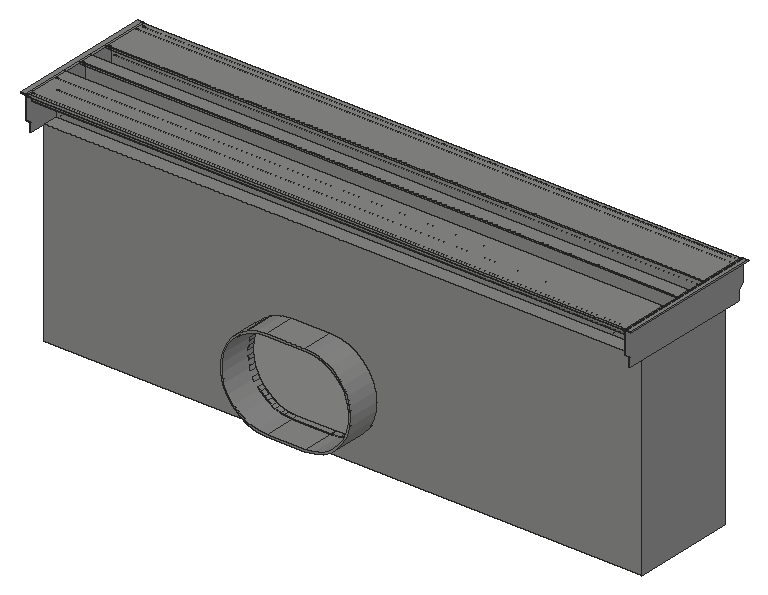
Revit family "Diffuser-Carnes-T_Bar_Mount-2-Slot-DTBB", category Duct Accessories, host Face, Revit 2014
Parameters (values of type "See Type Catalog")
  Supply Connector = yes
  Supply Connection = "Diffuser Supply Connector"  # constant formula
  Subcatagory = "Air Distribution"  # constant formula
  Specification Sheet = "http://www.carnes.com/AirDistribution/pdf/13100.pdf"
  Revit Object Download Link = "http://library.smartbim.com/download/Diffuser-Carnes-T_Bar_Mount-2-Slot-DTBB"
  Product Page URL = "http://www.carnes.com/AirDistribution/dtba.phtml"
  Length = 24"
  Inlet Nominal Size Width = 5"
  Inlet Nominal Size Height D = if(Inlet Nominal Size Width > 6", 5 1/4", 3 1/2")  # 3 1/2"
  Height = 9 1/16"  # constant formula
  Flow = 0 CFM
  Description = "Extruded Aluminum 2 Slot Diffuser T-Bar Mount"  # constant formula
  Profile Depth = 5.75918"
  URL = "http://www.carnes.com/"
  Model = "DTBB"  # constant formula
  Unit = Metal - Carnes - Steel Galvanized
  Manufacturer = "CARNES COMPANY"  # constant formula
  Depth = 2 3/4"
  Default Elevation = 0"
  D Depth = 4 1/16"
  Catalog = "http://www.carnes.com/AirDistribution/pdf/a462-465.pdf"
  Box Length = Length - 1/2"  # 23 1/2"
  B Radius = Inlet Width + 3"  # 9 1/2"
  Inlet Width = 6 1/2"
  Assembly Code = ""
  Inlet Offset = 10 1/2"
  95 CSI = ""
  04 CSI = ""
Reference planes (in)
  plane 1 "Center (Front/Back)": y = 0
  plane 2: z = 0
  plane 3 "Center (Left/Right)": x = 0.94
  plane 4: z = -1.25
  plane 5: y = 2.87959
  plane 6: y = -2.87959
  plane 7: z = 1.44451
  plane 8: x = -11.06
  plane 9: x = 12.94
  plane 10: z = -8.05549
  plane 11: z = -9.0625
Forms (in)
  Extrusion 1, void
    sketch origin (0.94, 0, 0) x (0, 1, 0) y (0, 0, 1)
      loop
        line (-2.87959, 1.44451) -> (-2.87959, -8.05549) -> (1.18291, -8.05549) -> (1.18291, 1.44451) -> (-2.87959, 1.44451)
    from -12 to 12
Dimensions and locks (in)
  locked: plane 2 to plane 4 at 1.25
  equal spacing: plane 6, plane 1 "Center (Front/Back)", plane 5
  "Profile Depth": plane 6 to plane 5
  locked: plane 7 to host face at 1.44451
  equal spacing: plane 8, plane 3 "Center (Left/Right)", plane 9
  "Length": plane 8 to plane 9
  "D Depth": Extrusion 1 sketch curve to Extrusion 1 sketch curve
  plane 2 to plane 10 = 8.05549"
  "Height": plane 2 to plane 11
  aligned and locked: plane 2 to host face
  aligned and locked: level to host face
  aligned and locked: Extrusion 1 to plane 7
  aligned and locked: Extrusion 1 to plane 10
  aligned and locked: plane 9 to Extrusion 1
  aligned and locked: plane 8 to Extrusion 1
  aligned and locked: plane 6 to Extrusion 1
  aligned and locked: nested 1 to plane 3 "Center (Left/Right)"
  aligned and locked: plane 1 "Center (Front/Back)" to nested 1
Automatic sketch dimensions
  host sketch curve to host sketch curve = 32"
  host sketch curve to host sketch curve = 12"
  Extrusion 1 sketch curve to plane 6 = 0"
  Extrusion 1 sketch curve to plane 10 = 0"
  plane 7 to Extrusion 1 sketch curve = 0"
Nested families (in)
  nested 1: "602-1011" at (1.84432, 0, 0.04219) x (-1, 0, 0) z (0, 0, -1), type "Slot 2"
  nested 2: "CXPC" at (1.88, 0.00043, 0.05188) x (-1, 0, 0) z (0, 0, -1), type "Parametric"
Connectors (in)
  hvac at (-0.31, -3.28082, -6.58911), driven by "Inlet Nominal Size Height D", driven by "Inlet Nominal Size Width", driven by "Supply Connector", driven by "Supply Connection"
    settings: on nested 2, index 1, duct flow 0 CFM, flow factor 0, pres drop 0.00 in-wg, loss coef 0, conn angle 0.00°, conn width 5", conn height 3 1/2", conn diameter 24", duct sys type 1, conn prof type 2, flow config 1, flow direction 1, loss method 0, conn ref index -1, conn util yes, is conn primary yes, conn desc "Diffuser Supply Connector"
Definition of nested family "602-1011"
  Parameters (values of type "Slot 2")
    Supply Connector = yes
    Supply Connection = ""
    Subcatagory = ""
    Specification Sheet = ""
    Product Page URL = ""
    Length = 24"
    URL = ""
    Model = "602-1091"  # constant formula
    Unit = Metal - Carnes - Steel Galvanized
    Manufacturer = ""
    Height = 1.44451"
    Flow = 0 CFM
    Description = ""
    Depth = 5.75918"
    Default Elevation = 0"
    Catalog = ""
    Assembly Code = ""
    95 CSI = ""
    04 CSI = ""
  Reference planes (in)
    plane 1 "Center (Front/Back)": y = 0
    plane 2: z = 0
    plane 3 "Center (Left/Right)": x = 0.90432
    plane 4: y = 2.87959
    plane 5: y = -2.87959
    plane 6: x = 12.90432
    plane 7: x = -11.09568
    plane 8: z = 1.44451
  Forms (in)
    Extrusion 1, solid
      sketch origin (0, 0, 0) x (1, 0, 0) y (0, 1, 0)
        loop
          line (-11.09568, 2.87959) -> (-11.09568, -2.87959) -> (12.90432, -2.87959) -> (12.90432, 2.87959) -> (-11.09568, 2.87959)
      from 0 to -1
  Dimensions and locks (in)
    equal spacing: plane 5, plane 1 "Center (Front/Back)", plane 4
    "Depth": plane 5 to plane 4
    equal spacing: plane 6, plane 3 "Center (Left/Right)", plane 7
    "Length": plane 6 to plane 7
    "Height": plane 8 to Extrusion 1
    aligned and locked: plane 2 to Extrusion 1
    aligned and locked: level to Extrusion 1
    aligned and locked: Extrusion 1 sketch curve to plane 5
  Automatic sketch dimensions
    Extrusion 1 sketch curve to Extrusion 1 sketch curve = 24"
    Extrusion 1 sketch curve to Extrusion 1 sketch curve = 5.75918"
  Nested families (in)
    nested 1: "602-10111" at (-0.03568, 0, -0.00488), type "Slot 1"
  Definition of nested family "602-10111"
    Parameters (values of type "Slot 1")
      Length = 24"
      URL = ""
      Model = "DARD"  # constant formula
      Unit = Metal - Carnes - Steel Galvanized
      Manufacturer = ""
      Height = 1.44451"
      Depth = 5.75918"
      Default Elevation = 0"
      Assembly Code = ""
      95 CSI = ""
      04 CSI = ""
    Reference planes (in)
      plane 1 "Center (Front/Back)": y = 0
      plane 2: z = 0
      plane 3 "Center (Left/Right)": x = 0.94
      plane 4: z = -18
      plane 5: z = 1.44451
      plane 6: x = -11.06
      plane 7: x = 12.94
      plane 8: y = 0
      plane 9: y = -2.87959
      plane 10: y = 2.87959
      plane 11: x = -10.81
      plane 12: x = 12.69
    Forms (in)
      Extrusion 1, solid
        sketch origin (0, -5, 0) x (1, 0, 0) y (0, 1, 0)
          loop
            line (-11.06, 7.87959) -> (-11.06, 2.12041) -> (12.94, 2.12041) -> (12.94, 7.87959) -> (-11.06, 7.87959)
        from 0 to -1
      Sweep 2, solid, material "Metal - Carnes - Steel Galvanized" <- "Unit"
        path origin (0, 0, 0) x (1, 0, 0) y (0, 0, -1)
          loop
            line (-10.81, -1.44451) -> (12.69, -1.44451)
        profile origin (0.94, 0, 1.44451) x (0, 0, -1) y (0, 1, 0)
          loop
            arc (1.35514, 2.84375) -> (1.33016, 2.81877) -> (1.35514, 2.79379) r 0.02498
            arc (1.35514, 2.79379) -> (1.37442, 2.78757) -> (1.38272, 2.76909) r 0.02492
            line (1.38272, 2.76909) -> (1.38308, 2.6587)
            arc (1.38308, 2.6587) -> (1.34926, 2.61295) -> (1.29572, 2.63221) r 0.04765
            arc (1.29572, 2.63221) -> (1.20991, 2.68522) -> (1.11386, 2.65444) r 0.12052
            arc (1.11386, 2.65444) -> (1.11176, 2.61347) -> (1.15269, 2.61071) r 0.02924
            arc (1.15269, 2.61071) -> (1.25478, 2.56432) -> (1.15338, 2.51642) r 0.0618
            arc (1.15338, 2.51642) -> (1.1144, 2.5135) -> (1.11617, 2.47444) r 0.02806
            arc (1.11617, 2.47444) -> (1.21184, 2.44322) -> (1.29693, 2.49697) r 0.11828
            arc (1.29693, 2.49697) -> (1.34972, 2.51686) -> (1.38368, 2.47181) r 0.04707
            line (1.38368, 2.47181) -> (1.38698, 1.4467)
            arc (1.38698, 1.4467) -> (1.38108, 1.43236) -> (1.36676, 1.42642) r 0.02022
            line (1.36676, 1.42642) -> (1.32521, 1.42642) -> (1.32521, 1.37588) -> (1.38743, 1.37588) -> (1.38743, 1.30748) -> (0.84122, 1.30748) -> (0.84122, 1.37297) -> (0.90321, 1.37297) -> (0.90321, 1.4045)
            arc (0.90321, 1.4045) -> (0.89724, 1.41889) -> (0.88285, 1.42486) r 0.02036
            line (0.88285, 1.42486) -> (0.81156, 1.42486)
            arc (0.81156, 1.42486) -> (0.79727, 1.41894) -> (0.79135, 1.40465) r 0.02021
            line (0.79135, 1.40465) -> (0.79135, 1.32589)
            arc (0.79135, 1.32589) -> (0.7854, 1.31149) -> (0.77102, 1.3055) r 0.02039
            line (0.77102, 1.3055) -> (0.02318, 1.3055)
            arc (0.02318, 1.3055) -> (0.00679, 1.29871) -> (0, 1.28232) r 0.02318
            line (0, 1.28232) -> (0, 1.14885)
            arc (0, 1.14885) -> (0.00581, 1.13484) -> (0.01984, 1.12908) r 0.01977
            line (0.01984, 1.12908) -> (0.11876, 1.12939)
            arc (0.11876, 1.12939) -> (0.13517, 1.13625) -> (0.14192, 1.15271) r 0.02324
            line (0.14192, 1.15271) -> (0.14175, 1.20547) -> (0.07975, 1.20547) -> (0.07958, 1.25739) -> (1.35759, 1.25739) -> (1.35774, 1.20939) -> (1.29574, 1.20919) -> (1.29592, 1.15437)
            arc (1.29592, 1.15437) -> (1.30215, 1.13943) -> (1.3171, 1.13325) r 0.02118
            line (1.3171, 1.13325) -> (1.36805, 1.13325)
            arc (1.36805, 1.13325) -> (1.38219, 1.12739) -> (1.38805, 1.11324) r 0.02001
            line (1.38805, 1.11324) -> (1.38805, 1.00164) -> (1.4375, 1.00164) -> (1.4375, 2.84383) -> (1.35514, 2.84375)
          loop
            line (1.35514, -2.84375) -> (1.4375, -2.84383) -> (1.4375, -1.00164) -> (1.38805, -1.00164) -> (1.38805, -1.11324)
            arc (1.38805, -1.11324) -> (1.38219, -1.12739) -> (1.36805, -1.13325) r 0.02001
            line (1.36805, -1.13325) -> (1.3171, -1.13325)
            arc (1.3171, -1.13325) -> (1.30215, -1.13943) -> (1.29592, -1.15437) r 0.02118
            line (1.29592, -1.15437) -> (1.29574, -1.20919) -> (1.35774, -1.20939) -> (1.35759, -1.25739) -> (0.07958, -1.25739) -> (0.07975, -1.20547) -> (0.14175, -1.20547) -> (0.14192, -1.15271)
            arc (0.14192, -1.15271) -> (0.13517, -1.13625) -> (0.11876, -1.12939) r 0.02324
            line (0.11876, -1.12939) -> (0.01984, -1.12908)
            arc (0.01984, -1.12908) -> (0.00581, -1.13484) -> (0, -1.14885) r 0.01977
            line (0, -1.14885) -> (0, -1.28232)
            arc (0, -1.28232) -> (0.00679, -1.29871) -> (0.02318, -1.3055) r 0.02318
            line (0.02318, -1.3055) -> (0.77102, -1.3055)
            arc (0.77102, -1.3055) -> (0.7854, -1.31149) -> (0.79135, -1.32589) r 0.02039
            line (0.79135, -1.32589) -> (0.79135, -1.40465)
            arc (0.79135, -1.40465) -> (0.79727, -1.41894) -> (0.81156, -1.42486) r 0.02021
            line (0.81156, -1.42486) -> (0.88285, -1.42486)
            arc (0.88285, -1.42486) -> (0.89724, -1.41889) -> (0.90321, -1.4045) r 0.02036
            line (0.90321, -1.4045) -> (0.90321, -1.37297) -> (0.84122, -1.37297) -> (0.84122, -1.30748) -> (1.38743, -1.30748) -> (1.38743, -1.37588) -> (1.32521, -1.37588) -> (1.32521, -1.42642) -> (1.36676, -1.42642)
            arc (1.36676, -1.42642) -> (1.38108, -1.43236) -> (1.38698, -1.4467) r 0.02022
            line (1.38698, -1.4467) -> (1.38368, -2.47181)
            arc (1.38368, -2.47181) -> (1.34972, -2.51686) -> (1.29693, -2.49697) r 0.04707
            arc (1.29693, -2.49697) -> (1.21184, -2.44322) -> (1.11617, -2.47444) r 0.11828
            arc (1.11617, -2.47444) -> (1.1144, -2.5135) -> (1.15338, -2.51642) r 0.02806
            arc (1.15338, -2.51642) -> (1.25478, -2.56432) -> (1.15269, -2.61071) r 0.0618
            arc (1.15269, -2.61071) -> (1.11176, -2.61347) -> (1.11386, -2.65444) r 0.02924
            arc (1.11386, -2.65444) -> (1.20991, -2.68522) -> (1.29572, -2.63221) r 0.12052
            arc (1.29572, -2.63221) -> (1.34926, -2.61295) -> (1.38308, -2.6587) r 0.04765
            line (1.38308, -2.6587) -> (1.38272, -2.76909)
            arc (1.38272, -2.76909) -> (1.37442, -2.78757) -> (1.35514, -2.79379) r 0.02492
            arc (1.35514, -2.79379) -> (1.33016, -2.81877) -> (1.35514, -2.84375) r 0.02498
          loop
            line (1.29574, 0.06109) -> (1.35774, 0.06089) -> (1.35759, 0.01289) -> (0.07958, 0.01289) -> (0.07975, 0.0648) -> (0.14175, 0.0648) -> (0.14192, 0.11757)
            arc (0.14192, 0.11757) -> (0.13517, 0.13402) -> (0.11876, 0.14088) r 0.02324
            line (0.11876, 0.14088) -> (0.01984, 0.1412)
            arc (0.01984, 0.1412) -> (0.00581, 0.13543) -> (0, 0.12142) r 0.01977
            line (0, 0.12142) -> (0, -0.13705)
            arc (0, -0.13705) -> (0.00581, -0.15105) -> (0.01984, -0.15682) r 0.01977
            line (0.01984, -0.15682) -> (0.11876, -0.1565)
            arc (0.11876, -0.1565) -> (0.13517, -0.14964) -> (0.14192, -0.13319) r 0.02324
            line (0.14192, -0.13319) -> (0.14175, -0.08043) -> (0.07975, -0.08043) -> (0.07958, -0.02851) -> (1.35759, -0.02851) -> (1.35774, -0.07651) -> (1.29574, -0.07671) -> (1.29592, -0.13153)
            arc (1.29592, -0.13153) -> (1.30215, -0.14647) -> (1.3171, -0.15265) r 0.02118
            line (1.3171, -0.15265) -> (1.36805, -0.15265)
            arc (1.36805, -0.15265) -> (1.38219, -0.15851) -> (1.38805, -0.17265) r 0.02001
            line (1.38805, -0.17265) -> (1.38805, -0.28426) -> (1.4375, -0.28426) -> (1.4375, 0.26863) -> (1.38805, 0.26863) -> (1.38805, 0.15703)
            arc (1.38805, 0.15703) -> (1.38219, 0.14288) -> (1.36805, 0.13702) r 0.02001
            line (1.36805, 0.13702) -> (1.3171, 0.13702)
            arc (1.3171, 0.13702) -> (1.30215, 0.13084) -> (1.29592, 0.11591) r 0.02118
            line (1.29592, 0.11591) -> (1.29574, 0.06109)
      Sweep 3, solid, material "Metal - Carnes - Steel Galvanized" <- "Unit"
        path origin (0.94, 0, 0) x (0, 1, 0) y (0, 0, 1)
          loop
            line (2.87959, 1.44451) -> (-2.87959, 1.44451)
        profile origin (0.94, 0, 1.44451) x (0, 0, -1) y (1, 0, 0)
          loop
            line (1.39281, -11.75) -> (0, -11.75) -> (0, -11.7859) -> (1.36636, -11.7859)
            arc (1.36636, -11.7859) -> (1.38834, -11.79501) -> (1.39745, -11.81699) r 0.03109
            line (1.39745, -11.81699) -> (1.39745, -12) -> (1.4375, -12) -> (1.4375, -11.79469)
            arc (1.4375, -11.79469) -> (1.42441, -11.76309) -> (1.39281, -11.75) r 0.04469
          loop
            arc (1.39281, 11.75) -> (1.42441, 11.76309) -> (1.4375, 11.79469) r 0.04469
            line (1.4375, 11.79469) -> (1.4375, 12) -> (1.39745, 12) -> (1.39745, 11.81699)
            arc (1.39745, 11.81699) -> (1.38834, 11.79501) -> (1.36636, 11.7859) r 0.03109
            line (1.36636, 11.7859) -> (0, 11.7859) -> (0, 11.75) -> (1.39281, 11.75)
      Extrusion 4, void
        sketch origin (0.94, 0, 0) x (0, 1, 0) y (0, 0, 1)
          loop
            line (2.67418, 1.39714) -> (2.67502, 1.13557)
            arc (2.67502, 1.13557) -> (2.68068, 1.10757) -> (2.69663, 1.08387) r 0.07321
            line (2.69663, 1.08387) -> (2.87959, 0.90209) -> (2.87959, 1.44451) -> (2.62666, 1.44451)
            arc (2.62666, 1.44451) -> (2.66021, 1.43064) -> (2.67418, 1.39714) r 0.04752
          loop
            arc (-2.67418, 1.39714) -> (-2.66021, 1.43064) -> (-2.62666, 1.44451) r 0.04752
            line (-2.62666, 1.44451) -> (-2.87959, 1.44451) -> (-2.87959, 0.90209) -> (-2.69663, 1.08387)
            arc (-2.69663, 1.08387) -> (-2.68068, 1.10757) -> (-2.67502, 1.13557) r 0.07321
            line (-2.67502, 1.13557) -> (-2.67418, 1.39714)
        from -12 to 12
    Cuts and joins
      Extrusion 4 cuts Sweep 3
    Lines and regions (in)
      Masking region 1
        outline origin (0, 0, 0) x (1, 0, 0) y (0, 1, 0)
          loop
            line (-11.06, -2.87959) -> (12.94, -2.87959) -> (12.94, 2.87959) -> (-11.06, 2.87959) -> (-11.06, -2.87959)
      symbolic lines, style "Diffuser"
        curve 1: line (-10.81, 1.00164, 0) -> (12.69, 1.00164, 0)
        curve 2: line (12.69, 0.27426, 0) -> (-10.81, 0.27426, 0)
        curve 3: line (-10.81, -0.28774, 0) -> (12.69, -0.28774, 0)
        curve 4: line (12.69, -1.00343, 0) -> (-10.81, -1.00343, 0)
        curve 5: line (-10.81, -2.87959, 0) -> (-10.81, 2.87959, 0)
        curve 6: line (12.69, -2.87959, 0) -> (12.69, 2.87959, 0)
    Dimensions and locks (in)
      locked: plane 2 to plane 4 at 18
      locked: plane 7 to plane 12 at 0.25
      locked: plane 6 to plane 11 at 0.25
      "Height": plane 5 to Extrusion 1
      "Length": plane 6 to plane 7
      equal spacing: plane 9, plane 8, plane 10
      "Depth": plane 9 to plane 10
      equal spacing: plane 6, plane 3 "Center (Left/Right)", plane 7
      aligned and locked: plane 2 to Extrusion 1
      aligned and locked: level to Extrusion 1
      aligned and locked: plane 11 to Sweep 2 sketch curve
      aligned and locked: plane 12 to Sweep 2 sketch curve
      aligned and locked: Sweep 3 sketch curve to plane 11
      aligned and locked: plane 7 to Extrusion 4
      aligned and locked: plane 6 to Extrusion 4
      aligned and locked: plane 12 to Sweep 3 sketch curve
    Automatic sketch dimensions
      Extrusion 1 sketch curve to Extrusion 1 sketch curve = 24"
      Extrusion 1 sketch curve to Extrusion 1 sketch curve = 5.75918"
      Sweep 2 sketch curve to plane 5 = 0"
      Sweep 3 sketch curve to plane 5 = 0"
      Sweep 3 sketch curve to plane 9 = 0"
      Sweep 3 sketch curve to plane 10 = 0"
      Sweep 3 sketch curve to profile plane = 0"  (x2)
      Sweep 3 sketch curve to profile plane = 1.36636"
      Sweep 3 sketch curve to Sweep 3 sketch curve = 1.36636"
      Sweep 3 sketch curve to Sweep 3 sketch curve = 0.02645"  (x2)
      Sweep 3 sketch curve to Sweep 3 sketch curve = 0.03109"  (x2)
      Sweep 3 sketch curve to Sweep 3 sketch curve = 0.04005"  (x2)
      Sweep 3 sketch curve to Sweep 3 sketch curve = 0.0223"
      Sweep 3 sketch curve to Sweep 3 sketch curve = 0.18301"  (x2)
      Sweep 3 sketch curve to Sweep 3 sketch curve = 0.0359"
      Extrusion 4 sketch curve to plane 5 = 0"  (x2)
      Extrusion 4 sketch curve to plane 9 = 0"
      Extrusion 4 sketch curve to plane 10 = 0"
      plane 9 to Extrusion 4 sketch curve = 0.13136"
      Extrusion 4 sketch curve to Extrusion 4 sketch curve = 0.0516"
      Extrusion 4 sketch curve to Extrusion 4 sketch curve = 0.02161"  (x2)
      Extrusion 4 sketch curve to plane 5 = 0.04737"  (x2)
      plane 9 to Extrusion 4 sketch curve = 0.20541"
      Extrusion 4 sketch curve to Extrusion 4 sketch curve = 0.04752"
      Extrusion 4 sketch curve to plane 5 = 0.04752"
      plane 10 to Extrusion 4 sketch curve = 0.25293"
      plane 10 to Extrusion 4 sketch curve = 0.20457"
      Extrusion 4 sketch curve to Extrusion 4 sketch curve = 0.07321"
      Extrusion 4 sketch curve to Extrusion 4 sketch curve = 0.26133"  (x2)
      Extrusion 4 sketch curve to Extrusion 4 sketch curve = 0.00024"  (x2)
      Extrusion 4 sketch curve to Extrusion 4 sketch curve = 0.18178"  (x2)
      Sweep 2 sketch curve to profile plane = 0"  (x3)
      Sweep 2 sketch curve to profile plane = 0.01977"  (x4)
      Sweep 2 sketch curve to Sweep 2 sketch curve = 0.00006"  (x4)
      Sweep 2 sketch curve to profile plane = 0.02318"  (x2)
      Sweep 2 sketch curve to profile plane = 0.02851"
      Sweep 2 sketch curve to profile plane = 0.07958"
      Sweep 2 sketch curve to Sweep 2 sketch curve = 0.05641"  (x2)
      profile plane to Sweep 2 sketch curve = 0.01289"
      Sweep 2 sketch curve to Sweep 2 sketch curve = 0"  (x10)
      Sweep 2 sketch curve to Sweep 2 sketch curve = 0.00017"  (x4)
      Sweep 2 sketch curve to Sweep 2 sketch curve = 0.03893"  (x4)
      Sweep 2 sketch curve to Sweep 2 sketch curve = 0.00007"  (x10)
      Sweep 2 sketch curve to Sweep 2 sketch curve = 0.02307"  (x4)
      Sweep 2 sketch curve to Sweep 2 sketch curve = 0.02324"  (x6)
      Sweep 2 sketch curve to Sweep 2 sketch curve = 0.62921"  (x2)
      Sweep 2 sketch curve to Sweep 2 sketch curve = 0.02039"  (x2)
      Sweep 2 sketch curve to Sweep 2 sketch curve = 0.02021"  (x2)
      Sweep 2 sketch curve to Sweep 2 sketch curve = 0.02966"  (x2)
      Sweep 2 sketch curve to Sweep 2 sketch curve = 0.04163"  (x2)
      Sweep 2 sketch curve to Sweep 2 sketch curve = 0.02036"  (x2)
      Sweep 2 sketch curve to profile plane = 1.13362"  (x2)
      Sweep 2 sketch curve to Sweep 2 sketch curve = 0.00178"  (x2)
      Sweep 2 sketch curve to Sweep 2 sketch curve = 0.05759"  (x2)
      Sweep 2 sketch curve to Sweep 2 sketch curve = 0.00231"  (x2)
      Sweep 2 sketch curve to Sweep 2 sketch curve = 0.00423"  (x2)
      Sweep 2 sketch curve to Sweep 2 sketch curve = 0.39254"  (x2)
      profile plane to Sweep 2 sketch curve = 0.06109"
      Sweep 2 sketch curve to profile plane = 0.07671"
      Sweep 2 sketch curve to Sweep 2 sketch curve = 0.00018"  (x4)
      Sweep 2 sketch curve to profile plane = 0.13153"
      profile plane to Sweep 2 sketch curve = 0.11591"
      Sweep 2 sketch curve to Sweep 2 sketch curve = 0.02118"  (x4)
      Sweep 2 sketch curve to Sweep 2 sketch curve = 0.02946"  (x2)
      Sweep 2 sketch curve to Sweep 2 sketch curve = 0.14014"  (x2)
      Sweep 2 sketch curve to Sweep 2 sketch curve = 0.1394"  (x2)
      Sweep 2 sketch curve to Sweep 2 sketch curve = 0.01971"  (x2)
      Sweep 2 sketch curve to Sweep 2 sketch curve = 0.06185"  (x3)
      profile plane to Sweep 2 sketch curve = 1.20939"
      Sweep 2 sketch curve to Sweep 2 sketch curve = 0.00015"  (x6)
      Sweep 2 sketch curve to profile plane = 1.20939"
      Sweep 2 sketch curve to Sweep 2 sketch curve = 0.00266"  (x2)
      Sweep 2 sketch curve to Sweep 2 sketch curve = 0.04155"  (x2)
      Sweep 2 sketch curve to Sweep 2 sketch curve = 0.05094"  (x3)
      Sweep 2 sketch curve to Sweep 2 sketch curve = 0.02492"  (x2)
      Sweep 2 sketch curve to Sweep 2 sketch curve = 0.04765"  (x2)
      Sweep 2 sketch curve to Sweep 2 sketch curve = 0.04707"  (x2)
      Sweep 2 sketch curve to Sweep 2 sketch curve = 0.02022"  (x4)
      Sweep 2 sketch curve to Sweep 2 sketch curve = 0.02984"
      Sweep 2 sketch curve to Sweep 2 sketch curve = 0.02067"
      Sweep 2 sketch curve to Sweep 2 sketch curve = 0.02001"  (x4)
      Sweep 2 sketch curve to Sweep 2 sketch curve = 0.08236"  (x2)
      Sweep 2 sketch curve to Sweep 2 sketch curve = 0.048"
      Sweep 2 sketch curve to Sweep 2 sketch curve = 0.02493"  (x2)
      Sweep 2 sketch curve to Sweep 2 sketch curve = 0.0501"  (x2)
      Sweep 2 sketch curve to Sweep 2 sketch curve = 0.06549"  (x2)
      Sweep 2 sketch curve to Sweep 2 sketch curve = 0.06839"  (x2)
      Sweep 2 sketch curve to Sweep 2 sketch curve = 0.03153"  (x2)
      Sweep 2 sketch curve to Sweep 2 sketch curve = 0.05054"  (x2)
      Sweep 2 sketch curve to Sweep 2 sketch curve = 1.02502"  (x2)
      Sweep 2 sketch curve to Sweep 2 sketch curve = 0.02322"  (x2)
      Sweep 2 sketch curve to Sweep 2 sketch curve = 0.06571"  (x2)
      Sweep 2 sketch curve to Sweep 2 sketch curve = 0.00327"  (x2)
      Sweep 2 sketch curve to Sweep 2 sketch curve = 0.00173"  (x2)
      Sweep 2 sketch curve to Sweep 2 sketch curve = 0.06902"  (x2)
      Sweep 2 sketch curve to Sweep 2 sketch curve = 0.16158"  (x2)
      Sweep 2 sketch curve to Sweep 2 sketch curve = 0.11046"  (x2)
      Sweep 2 sketch curve to Sweep 2 sketch curve = 0.00008"  (x4)
      Sweep 2 sketch curve to Sweep 2 sketch curve = 0.02498"  (x2)
      Sweep 2 sketch curve to Sweep 2 sketch curve = 0.05192"  (x3)
      Sweep 2 sketch curve to Sweep 2 sketch curve = 0.05276"  (x2)
      Sweep 2 sketch curve to Sweep 2 sketch curve = 0.05662"  (x2)
      Sweep 2 sketch curve to Sweep 2 sketch curve = 0.1116"  (x2)
      Sweep 2 sketch curve to Sweep 2 sketch curve = 0.15272"
      Sweep 2 sketch curve to Sweep 2 sketch curve = 0.09614"  (x2)
      Sweep 2 sketch curve to Sweep 2 sketch curve = 0.12831"
      Sweep 2 sketch curve to Sweep 2 sketch curve = 0.00032"  (x2)
      profile plane to Sweep 2 sketch curve = 0.0648"
      Sweep 2 sketch curve to Sweep 2 sketch curve = 0.20774"
      Sweep 2 sketch curve to Sweep 2 sketch curve = 0.98788"
      Sweep 2 sketch curve to Sweep 2 sketch curve = 0.02111"
      Sweep 2 sketch curve to Sweep 2 sketch curve = 0.01976"  (x2)
      Sweep 2 sketch curve to Sweep 2 sketch curve = 0.01923"  (x2)
      Sweep 2 sketch curve to Sweep 2 sketch curve = 0.04945"  (x2)
      Masking region 1 sketch curve to plane 6 = 0"
      Masking region 1 sketch curve to plane 7 = 0"
      Masking region 1 sketch curve to plane 9 = 0"
      plane 10 to Masking region 1 sketch curve = 0"
      curve 4 to plane 11 = 0"
      curve 4 to plane 12 = 0"
      curve 5 to plane 9 = 0"
      curve 6 to plane 9 = 0"
      plane 10 to curve 6 = 0"
      plane 10 to curve 5 = 0"
      plane 1 "Center (Front/Back)" to curve 4 = 1.00343"
      plane 1 "Center (Front/Back)" to curve 3 = 0.28774"
      curve 2 to plane 1 "Center (Front/Back)" = 0.27426"
      curve 2 to curve 1 = 0.72738"
Definition of nested family "CXPC"
  Parameters (values of type "Parametric")
    Slot Width = 2 55/64"
    Inlet Nominal Size Width = 5"
    Inlet Nominal Size Height D = if(Inlet Nominal Size Width > 6", 5 1/4", 3 1/2")  # 3 1/2"
    Half Inlet Width = Inlet Nominal Size Width / 2  # 2 1/2"
    Length = 23 1/2"
    Depth = 4 1/16"
    Height = 9 1/16"  # constant formula
    URL = "http://www.carnes.com/"
    Model = "DGAA"  # constant formula
    Unit = Metal - Carnes - Steel Galvanized
    Manufacturer = ""
    Default Elevation = 0"
    B Radius = B + 3"  # 9 1/2"
    B = 6 1/2"
    Assembly Code = ""
    A = 10 1/2"
    95 CSI = ""
    04 CSI = ""
  Reference planes (in)
    plane 1 "Center (Front/Back)": y = 0
    plane 2: z = 0
    plane 3 "Center (Left/Right)": x = 0.94
    plane 4: x = -10.81
    plane 5: x = 12.69
    plane 6: z = 9.0625
    plane 7: z = 8.5625
    plane 8: z = 6.5
    plane 9: x = -10.7475
    plane 10: x = 12.6275
    plane 11: z = -18
    plane 12: y = 2.03125
    plane 13: y = 1.78125
    plane 14: y = -2.03125
    plane 15: y = -1.78125
    plane 16: y = -3.28125
    plane 17: x = 2.19
    plane 18: z = 0.84375
    plane 19: y = -1.42969
    plane 20: y = 1.42969
    plane 21: z = 8.39099
    plane 22: z = 4.89099
  Forms (in)
    Extrusion 1, solid
      sketch origin (0, 0, 0) x (1, 0, 0) y (0, 1, 0)
        loop
          line (-14.89333, 6) -> (-14.89333, -6) -> (19.27333, -6) -> (19.27333, 6) -> (-14.89333, 6)
      from 0 to -1
    Extrusion 2, solid, material "Metal - Carnes - Steel Galvanized" <- "Unit"
      sketch origin (0, 0, 0) x (1, 0, 0) y (0, 0, 1)
        loop
          line (-10.81, 9.0625) -> (-10.81, 8.5625) -> (12.69, 8.5625) -> (12.69, 9.0625) -> (-10.81, 9.0625)
      from -1.78125 to 1.78125
    Extrusion 3, solid, material "Metal - Carnes - Steel Galvanized" <- "Unit"
      sketch origin (0, 0, 0) x (1, 0, 0) y (0, 1, 0)
        loop
          line (-10.81, 2.03125) -> (-10.81, 1.78125) -> (12.69, 1.78125) -> (12.69, 2.03125) -> (-10.81, 2.03125)
        loop
          line (-10.81, -1.78125) -> (-10.81, -2.03125) -> (12.69, -2.03125) -> (12.69, -1.78125) -> (-10.81, -1.78125)
      from 1.4375 to 9.0625
    Sweep 4, solid, material "Metal - Carnes - Steel Galvanized" <- "Unit"
      path in 3D
        loop
          line (-10.81, -1.78125, 1.4375) -> (12.69, -1.78125, 1.4375)
      profile origin (0.94, -1.78125, 1.4375) x (0, -1, 0) y (0, 0, -1)
        loop
          line (-3.21094, 0) -> (-3.21094, 0.89784)
          arc (-3.21094, 0.89784) -> (-3.18023, 0.92855) -> (-3.14952, 0.89784) r 0.03071
          line (-3.14952, 0.89784) -> (-3.14952, 0.83461) -> (-3.11827, 0.83461) -> (-3.11827, 0.89765)
          arc (-3.11827, 0.89765) -> (-3.18024, 0.95963) -> (-3.24222, 0.89765) r 0.06198
          line (-3.24222, 0.89765) -> (-3.24222, 0.03125) -> (-3.8125, 0.03125) -> (-3.8125, 0) -> (-3.21094, 0)
        loop
          line (-0.35156, 0) -> (0.25, 0) -> (0.25, 0.03125) -> (-0.32028, 0.03125) -> (-0.32028, 0.89765)
          arc (-0.32028, 0.89765) -> (-0.38226, 0.95963) -> (-0.44423, 0.89765) r 0.06198
          line (-0.44423, 0.89765) -> (-0.44423, 0.83461) -> (-0.41298, 0.83461) -> (-0.41298, 0.89784)
          arc (-0.41298, 0.89784) -> (-0.38227, 0.92855) -> (-0.35156, 0.89784) r 0.03071
          line (-0.35156, 0.89784) -> (-0.35156, 0)
    Extrusion 5, solid, material "Metal - Carnes - Steel Galvanized" <- "Unit"
      sketch origin (12.69, 0, 9.0625) x (0, 0, -1) y (0, 1, 0)
        loop
          line (0, -2.03125) -> (7.625, -2.03125) -> (7.625, 2.03125) -> (0, 2.03125) -> (0, -2.03125)
      from -0.0625 to 0
    Extrusion 6, solid, material "Metal - Carnes - Steel Galvanized" <- "Unit"
      sketch origin (-10.81, 0, 9.0625) x (0, 0, -1) y (0, -1, 0)
        loop
          line (0, 2.03125) -> (0, -2.03125) -> (7.625, -2.03125) -> (7.625, 2.03125) -> (0, 2.03125)
      from -0.0625 to 0
    Extrusion 7, void
      sketch origin (0, 0, 0) x (1, 0, 0) y (0, 0, 1)
        loop
          arc (1.44, 8.39099) -> (-0.31, 6.64099) -> (1.44, 4.89099) r 1.75
          line (1.44, 4.89099) -> (2.94, 4.89099)
          arc (2.94, 4.89099) -> (4.69, 6.64099) -> (2.94, 8.39099) r 1.75
          line (2.94, 8.39099) -> (1.44, 8.39099)
      from 2.03125 to 1.34378
    Extrusion 8, solid, material "Metal - Carnes - Steel Galvanized" <- "Unit"
      sketch origin (-11.06, -0.875, 0) x (1, 0, 0) y (0, 0, 1)
        loop
          arc (12.5, 8.39099) -> (10.75, 6.64099) -> (12.5, 4.89099) r 1.75
          line (12.5, 4.89099) -> (14, 4.89099)
          arc (14, 4.89099) -> (15.75, 6.64099) -> (14, 8.39099) r 1.75
          line (14, 8.39099) -> (12.5, 8.39099)
        loop
          arc (12.5, 8.45349) -> (10.6875, 6.64099) -> (12.5, 4.82849) r 1.8125
          line (12.5, 4.82849) -> (14, 4.82849)
          arc (14, 4.82849) -> (15.8125, 6.64099) -> (14, 8.45349) r 1.8125
          line (14, 8.45349) -> (12.5, 8.45349)
      from 0.90625 to 2.40625
  Cuts and joins
    Extrusion 7 cuts Extrusion 2
    Extrusion 7 cuts Extrusion 3
    Extrusion 7 cuts Sweep 4
    Extrusion 7 cuts Extrusion 5
    Extrusion 7 cuts Extrusion 6
    joined: Extrusion 2, Extrusion 3, Sweep 4, Extrusion 5, Extrusion 6
  Lines and regions (in)
    sketch lines
      curve 1: line (-10.81, -1.78125, 1.4375) -> (12.69, -1.78125, 1.4375)
    symbolic lines, style "Diffuser"
      curve 2: line (-4.04438, -2.03125, 0) -> (-4.88812, -2.03125, 0)
  Dimensions and locks (in)
    equal spacing: plane 4, plane 3 "Center (Left/Right)", plane 5
    "Length": plane 4 to plane 5
    "Height": plane 6 to plane 2
    locked: plane 6 to plane 7 at 0.5
    level to plane 11 = 18"
    plane 6 to Extrusion 1 = 9 1/16"
    plane 8 to Extrusion 1 = 6 1/2"
    locked: plane 16 to plane 14 at 1.25
    "Depth": plane 12 to plane 14
    locked: plane 15 to plane 14 at 0.25
    locked: plane 12 to plane 13 at 0.25
    equal spacing: plane 12, plane 1 "Center (Front/Back)", plane 14
    locked: plane 10 to plane 5 at 0.0625
    locked: plane 9 to plane 4 at 0.0625
    "B": plane 8 to plane 2
    "A": plane 17 to plane 5
    locked: plane 18 to plane 2 at 0.84375
    Sweep 4 sketch curve to plane 18 to Sweep 4 sketch curve to Sweep 4 sketch curve to Sweep 4 sketch curve = 9/16" locked, 0.24086" locked, 0.09394" locked, 0.03107" locked  (x2)
    Sweep 4 sketch curve to Sweep 4 sketch curve to plane 19 to Sweep 4 sketch curve = 1/32" locked, 0.06142" locked, 0.03128" locked
    Sweep 4 sketch curve to plane 20 to Sweep 4 sketch curve to Sweep 4 sketch curve = 0.03128" locked, 0.06142" locked, 1/32" locked
    equal spacing: plane 20, plane 1 "Center (Front/Back)", plane 19
    "Slot Width": plane 20 to plane 19
    "Half Inlet Width": plane 17 to Extrusion 8 sketch curve
    "Half Inlet Width": Extrusion 8 sketch curve to plane 17
    "Inlet Nominal Size Height D": plane 21 to plane 22
    equal spacing: Extrusion 1 sketch curve, plane 1 "Center (Front/Back)", Extrusion 1 sketch curve
    equal spacing: Extrusion 1 sketch curve, plane 17, Extrusion 1 sketch curve
    aligned and locked: plane 2 to Extrusion 1
    aligned and locked: level to Extrusion 1
    aligned and locked: Extrusion 2 sketch curve to plane 6
    aligned and locked: Extrusion 2 sketch curve to plane 7
    aligned and locked: Extrusion 2 sketch curve to plane 4
    aligned and locked: plane 5 to Extrusion 2 sketch curve
    aligned and locked: Extrusion 3 sketch curve to plane 12
    aligned and locked: Extrusion 3 sketch curve to plane 13
    aligned and locked: plane 15 to Extrusion 3 sketch curve
    aligned and locked: plane 14 to Extrusion 3 sketch curve
    aligned and locked: Extrusion 3 sketch curve to plane 4
    aligned and locked: plane 5 to Extrusion 3 sketch curve
    aligned and locked: plane 6 to Extrusion 3
    aligned and locked: Extrusion 2 to Extrusion 3  (x2)
    aligned and locked: plane 10 to Extrusion 5
    aligned and locked: Extrusion 5 to plane 5
    aligned and locked: Extrusion 6 sketch curve to cut or joined group of Extrusion 2, Extrusion 3, Sweep 4, Extrusion 5, Extrusion 6, Extrusion 7  (x2)
    aligned and locked: cut or joined group of Extrusion 2, Extrusion 3, Sweep 4, Extrusion 5, Extrusion 6, Extrusion 7 to Extrusion 6 sketch curve
    aligned and locked: plane 9 to Extrusion 6
    aligned and locked: Extrusion 6 to plane 4
    aligned and locked: plane 5 to cut or joined group of Extrusion 2, Extrusion 3, Sweep 4, Extrusion 5, Extrusion 6, Extrusion 7
    aligned and locked: Extrusion 7 to plane 14
    aligned and locked: Extrusion 6 to Extrusion 3
    aligned and locked: cut or joined group of Extrusion 2, Extrusion 3, Sweep 4, Extrusion 5, Extrusion 6, Extrusion 7 to cut or joined group of Extrusion 2, Extrusion 3, Sweep 4, Extrusion 5, Extrusion 6, Extrusion 7
    aligned and locked: plane 12 to Sweep 4 sketch curve
    aligned and locked: Sweep 4 sketch curve to plane 14
    aligned and locked: plane 19 to Sweep 4 sketch curve
    aligned and locked: Sweep 4 sketch curve to plane 20
    aligned and locked: Extrusion 8 to plane 16
    aligned and locked: cut or joined group of Extrusion 2, Extrusion 3, Sweep 4, Extrusion 5, Extrusion 6, Extrusion 7 to Extrusion 8
    aligned and locked: Extrusion 7 sketch curve to Extrusion 8  (x2)
    aligned and locked: Extrusion 8 sketch curve to plane 21
    aligned and locked: plane 22 to Extrusion 8 sketch curve
  Automatic sketch dimensions
    plane 14 to curve 2 = 0"
    Extrusion 3 sketch curve to plane 4 = 0"
    Extrusion 3 sketch curve to plane 5 = 0"
    Extrusion 2 to Extrusion 5 sketch curve = 0"
    Extrusion 5 sketch curve to Extrusion 2 = 1/4"  (x2)
    Extrusion 5 sketch curve to Extrusion 2 = 7 1/8"
    Extrusion 2 to Extrusion 6 sketch curve = 7 1/8"
    curve 2 to plane 3 "Center (Left/Right)" = 5 53/64"
    curve 2 to curve 2 = 27/32"
    profile plane to Sweep 4 sketch curve = 0"  (x2)
    Extrusion 8 sketch curve to Extrusion 8 sketch curve = 0"  (x3)
    Extrusion 8 sketch curve to Extrusion 8 sketch curve = 1/16"
Types in the file's own list only (36): name | Length | Inlet Nominal Size Width | Inlet Nominal Size Height D | Profile Depth | Box Length | Inlet Offset
  DTBB 24 x 5In | 24" | 5" | 3 1/2" | 5 97/128" | 23 1/2" | 10 1/2"
  DTBB 24 x 6IN | 24" | 6" | 3 1/2" | 5 97/128" | 23 1/2" | 10 1/2"
  DTBB 24 x 7IN | 24" | 7" | 5 1/4" | 5 97/128" | 23 1/2" | 10 1/2"
  DTBB 24 x 8IN | 24" | 8" | 5 1/4" | 5 97/128" | 23 1/2" | 10 1/2"
  DTBB 24 x 10IN | 24" | 10" | 5 1/4" | 5 97/128" | 23 1/2" | 10 1/2"
  DTBB 24 x 12IN | 24" | 12" | 5 1/4" | 5 97/128" | 23 1/2" | 10 1/2"
  DTBB 30 x 5In | 30" | 5" | 3 1/2" | 5 97/128" | 29 1/2" | 14 1/2"
  DTBB 30 x 6IN | 30" | 6" | 3 1/2" | 5 97/128" | 29 1/2" | 14 1/2"
  DTBB 30 x 7IN | 30" | 7" | 5 1/4" | 5 97/128" | 29 1/2" | 14 1/2"
  DTBB 30 x 8IN | 30" | 8" | 5 1/4" | 5 97/128" | 29 1/2" | 14 1/2"
  DTBB 30 x 10IN | 30" | 10" | 5 1/4" | 5 97/128" | 29 1/2" | 14 1/2"
  DTBB 30 x 12IN | 30" | 12" | 5 1/4" | 5 97/128" | 29 1/2" | 14 1/2"
  DTBB 36 x 5In | 36" | 5" | 3 1/2" | 5 97/128" | 35 1/2" | 17 1/2"
  DTBB 36 x 6IN | 36" | 6" | 3 1/2" | 5 97/128" | 35 1/2" | 17 1/2"
  DTBB 36 x 7IN | 36" | 7" | 5 1/4" | 5 97/128" | 35 1/2" | 17 1/2"
  DTBB 36 x 8IN | 36" | 8" | 5 1/4" | 5 97/128" | 35 1/2" | 17 1/2"
  DTBB 36 x 10IN | 36" | 10" | 5 1/4" | 5 97/128" | 35 1/2" | 17 1/2"
  DTBB 36 x 12IN | 36" | 12" | 5 1/4" | 5 97/128" | 35 1/2" | 17 1/2"
  DTBB 48 x 5In | 48" | 5" | 3 1/2" | 5 97/128" | 47 1/2" | 23 1/2"
  DTBB 48 x 6IN | 48" | 6" | 3 1/2" | 5 97/128" | 47 1/2" | 23 1/2"
  DTBB 48 x 7IN | 48" | 7" | 5 1/4" | 5 97/128" | 47 1/2" | 23 1/2"
  DTBB 48 x 8IN | 48" | 8" | 5 1/4" | 5 97/128" | 47 1/2" | 23 1/2"
  DTBB 48 x 10IN | 48" | 10" | 5 1/4" | 5 97/128" | 47 1/2" | 23 1/2"
  DTBB 48 x 12IN | 48" | 12" | 5 1/4" | 5 97/128" | 47 1/2" | 23 1/2"
  DTBB 60 x 5In | 60" | 5" | 3 1/2" | 5 97/128" | 59 1/2" | 29 1/2"
  DTBB 60 x 6IN | 60" | 6" | 3 1/2" | 5 97/128" | 59 1/2" | 29 1/2"
  DTBB 60 x 7IN | 60" | 7" | 5 1/4" | 5 97/128" | 59 1/2" | 29 1/2"
  DTBB 60 x 8IN | 60" | 8" | 5 1/4" | 5 97/128" | 59 1/2" | 29 1/2"
  DTBB 60 x 10IN | 60" | 10" | 5 1/4" | 5 97/128" | 59 1/2" | 29 1/2"
  DTBB 60 x 12IN | 60" | 12" | 5 1/4" | 5 97/128" | 59 1/2" | 29 1/2"
  DTBB 72 x 5In | 72" | 5" | 3 1/2" | 5 97/128" | 71 1/2" | 35 1/2"
  DTBB 72 x 6IN | 72" | 6" | 3 1/2" | 5 97/128" | 71 1/2" | 35 1/2"
  DTBB 72 x 7IN | 72" | 7" | 5 1/4" | 5 97/128" | 71 1/2" | 35 1/2"
  DTBB 72 x 8IN | 72" | 8" | 5 1/4" | 5 97/128" | 71 1/2" | 35 1/2"
  DTBB 72 x 10IN | 72" | 10" | 5 1/4" | 5 97/128" | 71 1/2" | 35 1/2"
  DTBB 72 x 12IN | 72" | 12" | 5 1/4" | 5 97/128" | 71 1/2" | 35 1/2"
